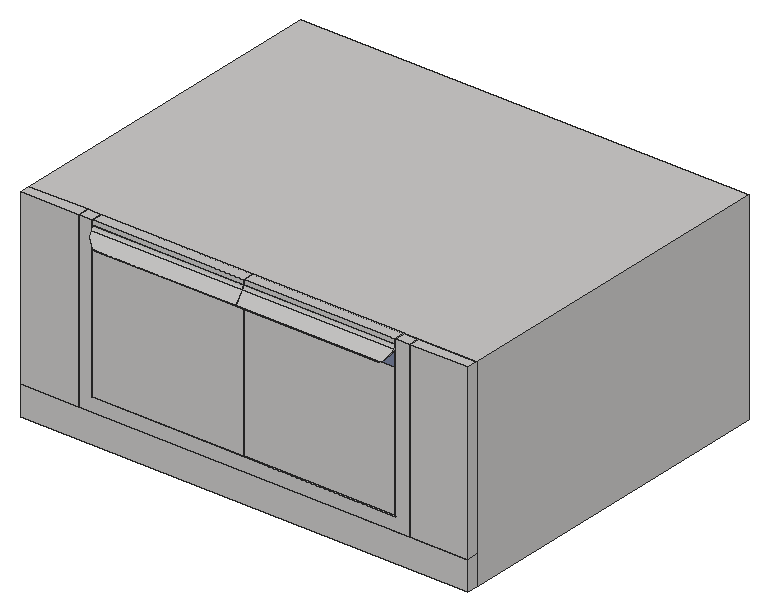
Revit family "QF_ELECTROLUXPROFESSIONAL_588658_MB4DCAJOAO", category Attrezzature speciali, Revit 2020
Family settings
  Quota connettore circolare = Usa diametro
  Tipo di parte = Normale
  Basato su piano di lavoro = No
  Sempre verticale = Sì
  Taglio con vuoti quando caricato = No
  Condiviso = No
  Punto di calcolo locali = No
Parameters (values of type "Standard")
  Weight = 31.00 kg
  Watts = 2000 W
  Volts = 400 V
  URL Manufacturer = "https://www.electroluxprofessional.com/"
  URL = "https://www.electroluxprofessional.com/"
  Steam Supply Size = 0"
  Steam Supply Minimum Pressure = 0.00 psi
  Steam Supply Maximum Pressure = 0.00 psi
  Steam Consumption per Hour = 0
  Refrigeration Suction Line Size = 0 mm
  Refrigeration Liquid Line Size = 0 mm
  Refrigerant Compressor Remote = yes
  Prospetto di default = 0 mm
  Phase = 3
  Modello = "MB4DCAJOAO"
  Produttore = "Electrolux Professional"
  Length Actual = 1000 mm  # constant formula
  Item Number = "588658"
  Hot Water Size = 0"
  Height Actual = 450 mm  # constant formula
  HP = "2.7 HP"
  Gas Size = 0"
  Gas KW = 0
  Gas Input Pressure = 0.0 Btu/h
  Direct Waste Size = 0"
  Descrizione = "EL.WARMING CAB,GN,2DOOR,1S,1000X850X450H"
  Depth Actual = 850 mm  # constant formula
  Cycle = 50 Hz
  Condensate Return Size = 0"
  Compressed Air Volume = 0 GPM
  Compressed Air Size = 0"
  Compressed Air Pressure = 0.00 psi
  Cold Water Size = 0"
  Accessory = yes
Reference planes
  plane 1 "BACK": y = 0
  plane 2: z = 0
  plane 3 "LEFT": x = 0
  plane 4 "RIGHT": x = 1000
  plane 5 "FRONT": y = -850
  plane 6 "PLAIN": z = 900
  plane 7 "Center (Left/Right)": x = 500
  plane 8 "Center (Front/Back)": y = -425
  plane 9 "TOP": z = 650
  plane 10 "BASE": z = 200
  plane 11: x = 922
  plane 12: x = 78
  plane 13 "Feet_back": y = -150
  plane 14 "Feet_Front": y = -720
  plane 15: x = 130
  plane 16: x = 870
  plane 17: z = 265
  plane 18: y = -45
  plane 19: y = -805
  plane 20: y = -70
  plane 21: y = -830
Forms (mm)
  Extrusion 1, solid, material "QF_Finishes_Stainless Steel"
    sketch origin (0, 0, 650) x (0, 1, 0) y (0, 0, 1)
      loop
        line (-45, -450) -> (-45, 0) -> (-805, 0) -> (-805, -450) -> (-45, -450)
    from 0 to 1000
  Extrusion 2, solid, material "QF_Finishes_Stainless Steel"
    sketch origin (0, 0, 650) x (0, 1, 0) y (0, 0, 1)
      loop
        line (-830, -450) -> (-805, -450) -> (-805, -385) -> (-830, -385) -> (-830, -450)
    from 0 to 1000
  Extrusion 3, void
    sketch origin (0, -850, 0) x (1, 0, 0) y (0, 0, 1)
      loop
        line (130, 650) -> (130, 265) -> (870, 265) -> (870, 650) -> (130, 650)
    from 0 to -780
  Extrusion 4, solid, material "QF_Finishes_Stainless Steel"
    sketch origin (0, -850, 0) x (1, 0, 0) y (0, 0, 1)
      loop
        line (160, 650) -> (160, 627) -> (840, 627) -> (840, 650) -> (160, 650)
    from -45 to -805
  Extrusion 5, solid, material "QF_Finishes_Stainless Steel"
    sketch origin (0, -850, 0) x (1, 0, 0) y (0, 0, 1)
      loop
        line (130, 650) -> (130, 265) -> (870, 265) -> (870, 650) -> (840, 650) -> (840, 295) -> (160, 295) -> (160, 650) -> (130, 650)
    from -45 to -780
  Extrusion 6, solid, material "QF_Finishes_Stainless Steel"
    sketch origin (0, -850, 0) x (1, 0, 0) y (0, 0, 1)
      loop
        line (0, 650) -> (0, 265) -> (130, 265) -> (130, 650) -> (0, 650)
    from -20 to -45
  Extrusion 7, solid, material "QF_Finishes_Stainless Steel"
    sketch origin (0, -850, 0) x (1, 0, 0) y (0, 0, 1)
      loop
        line (870, 650) -> (870, 265) -> (1000, 265) -> (1000, 650) -> (870, 650)
    from -20 to -45
  Extrusion 8, solid, material "QF_Finishes_Stainless Steel"
    sketch origin (0, -850, 0) x (1, 0, 0) y (0, 0, 1)
      loop
        line (130, 650) -> (130, 265) -> (870, 265) -> (870, 650) -> (840, 650) -> (840, 295) -> (160, 295) -> (160, 650) -> (130, 650)
    from -45 to -20
Cuts and joins
  Extrusion 3 cuts Extrusion 1
  joined: Extrusion 1, Extrusion 4, Extrusion 5
Lines and regions (mm)
  symbolic lines, style "SpecialityEquipmentHiddenLines"
    curve 1: line (0, 0, 0) -> (1000, 0, 0)
    curve 2: line (0, -850, 0) -> (0, 0, 0)
    curve 3: line (1000, -850, 0) -> (0, -850, 0)
    curve 4: line (1000, 0, 0) -> (1000, -850, 0)
Dimensions and locks
  plane 3 "LEFT" to plane 4 "RIGHT" = 1000 mm
  plane 5 "FRONT" to plane 1 "BACK" = 850 mm
  equal spacing: plane 3 "LEFT", plane 7 "Center (Left/Right)", plane 4 "RIGHT"
  equal spacing: plane 5 "FRONT", plane 8 "Center (Front/Back)", plane 1 "BACK"
  plane 6 "PLAIN" to plane 9 "TOP" = 250 mm
  plane 10 "BASE" to level = 200 mm
  plane 9 "TOP" to plane 10 "BASE" = 450 mm
  locked: plane 1 "BACK" to plane 13 "Feet_back" at 150
  locked: plane 14 "Feet_Front" to plane 5 "FRONT" at 130
  locked: plane 12 to plane 3 "LEFT" at 78
  locked: plane 11 to plane 4 "RIGHT" at 78
  plane 16 to plane 15 = 740 mm
  equal spacing: plane 16, plane 7 "Center (Left/Right)", plane 15
  locked: plane 17 to plane 10 "BASE" at 65
  locked: plane 1 "BACK" to plane 18 at 45
  plane 9 "TOP" to Extrusion 4 sketch curve = 23 mm
  locked: Extrusion 4 sketch curve to plane 15 at 30
  locked: plane 16 to Extrusion 4 sketch curve at 30
  locked: Extrusion 5 sketch curve to plane 17 at 30
  plane 6 "PLAIN" to level = 900 mm
  Extrusion 5 to Extrusion 5 = 680 mm
  locked: plane 18 to plane 20 at 25
  locked: plane 21 to plane 5 "FRONT" at 20
  locked: plane 19 to plane 21 at 25
  plane 18 to plane 21 = 785 mm
  aligned and locked: level to plane 2
  aligned and locked: Extrusion 1 to plane 4 "RIGHT"
  aligned and locked: Extrusion 1 to plane 3 "LEFT"
  aligned and locked: Extrusion 2 to plane 4 "RIGHT"
  aligned and locked: plane 9 "TOP" to Extrusion 3 sketch curve
  aligned and locked: Extrusion 3 sketch curve to plane 15
  aligned and locked: plane 16 to Extrusion 3 sketch curve
  aligned and locked: Extrusion 2 to plane 10 "BASE"
  aligned and locked: Extrusion 2 to plane 17
  aligned and locked: plane 17 to Extrusion 3 sketch curve
  aligned and locked: Extrusion 4 to plane 18
  aligned and locked: Extrusion 5 sketch curve to plane 15
  aligned and locked: plane 16 to Extrusion 5 sketch curve
  aligned and locked: plane 9 "TOP" to Extrusion 5 sketch curve  (x2)
  aligned and locked: plane 17 to Extrusion 5 sketch curve
  aligned and locked: Extrusion 5 sketch curve to Extrusion 4  (x2)
  aligned and locked: Extrusion 6 sketch curve to plane 9 "TOP"
  aligned and locked: plane 3 "LEFT" to Extrusion 6 sketch curve
  aligned and locked: Extrusion 6 sketch curve to plane 17
  aligned and locked: Extrusion 6 sketch curve to plane 15
  aligned and locked: Extrusion 7 sketch curve to plane 9 "TOP"
  aligned and locked: plane 16 to Extrusion 7 sketch curve
  aligned and locked: Extrusion 7 sketch curve to plane 17
  aligned and locked: plane 4 "RIGHT" to Extrusion 7 sketch curve
  aligned and locked: cut or joined group of Extrusion 1, Extrusion 3, Extrusion 4, Extrusion 5 to Extrusion 4
  aligned and locked: plane 7 "Center (Left/Right)" to nested 1
  aligned and locked: Extrusion 5 to plane 20
  aligned and locked: cut or joined group of Extrusion 1, Extrusion 3, Extrusion 4, Extrusion 5 to plane 20
  aligned and locked: cut or joined group of Extrusion 1, Extrusion 3, Extrusion 4, Extrusion 5 to plane 18
  aligned and locked: plane 19 to Extrusion 4
  aligned and locked: Extrusion 6 to plane 19
  aligned and locked: plane 21 to Extrusion 6
  aligned and locked: plane 21 to Extrusion 7
  aligned and locked: Extrusion 7 to plane 19
  aligned and locked: Extrusion 2 to plane 19
  aligned and locked: plane 21 to Extrusion 2
  aligned and locked: plane 19 to cut or joined group of Extrusion 1, Extrusion 3, Extrusion 4, Extrusion 5
  aligned and locked: plane 21 to Extrusion 8
Automatic sketch dimensions
  curve 3 to plane 3 "LEFT" = 0 mm
  curve 3 to plane 4 "RIGHT" = 0 mm
  plane 5 "FRONT" to curve 3 = 0 mm
  plane 1 "BACK" to curve 2 = 0 mm
  Extrusion 1 sketch curve to plane 10 "BASE" = 0 mm
  Extrusion 1 sketch curve to plane 19 = 0 mm
  Extrusion 1 sketch curve to plane 18 = 0 mm
  Extrusion 1 sketch curve to plane 9 "TOP" = 0 mm
  plane 17 to Extrusion 2 sketch curve = 0 mm
  Extrusion 2 sketch curve to plane 21 = 0 mm
  Extrusion 2 sketch curve to plane 10 "BASE" = 0 mm
  Extrusion 2 sketch curve to plane 19 = 0 mm
  Extrusion 4 sketch curve to plane 9 "TOP" = 0 mm
  Extrusion 8 sketch curve to plane 9 "TOP" = 0 mm  (x2)
  Extrusion 8 sketch curve to plane 15 = 0 mm
  Extrusion 8 sketch curve to plane 16 = 0 mm
  Extrusion 8 sketch curve to plane 17 = 0 mm
  Extrusion 8 sketch curve to Extrusion 8 sketch curve = 30 mm
  Extrusion 8 sketch curve to plane 16 = 30 mm
  Extrusion 8 sketch curve to plane 17 = 30 mm
Nested families
  nested 1: "H450_2DOOR" at (463.958, -805, 200) x (1, 0, 0) z (0, -1, 0), type "H450_2DOOR"
    with Width 680 mm, Wdoor 340 mm, Show Clearance yes
Definition of nested family "H450_2DOOR"
  Parameters
    Width [instance] = 580 mm
    Wdoor [instance] = Width / 2  # 290 mm
    Show Clearance [instance] = yes
    Model = "727995"
    Height = 450 mm
    Default Elevation = 0 mm
  Reference planes
    plane 1 "Center (Front/Back)": y = 0
    plane 2: z = 0
    plane 3 "Center (Left/Right)": x = 36.042
    plane 4 "panel": z = 25
    plane 5: x = -253.958
    plane 6: x = 326.042
    plane 7: y = 450
    plane 8: z = 290
    plane 9: z = 45
  Forms (mm)
    Extrusion 1, solid
      sketch origin (0, -919.2, 0) x (1, 0, 0) y (0, 1, 0)
        loop
          line (-980.5, 2119.2) -> (-980.5, -162.846) -> (881.94, -162.846) -> (881.94, 2119.2) -> (-980.5, 2119.2)
      from 0 to -59.546
    Extrusion 2, solid
      sketch origin (0, 0, 0) x (1, 0, 0) y (0, 1, 0)
        loop
          line (324.042, 393) -> (37.042, 393) -> (37.042, 97) -> (324.042, 97) -> (324.042, 393)
        loop
          line (-251.958, 97) -> (35.042, 97) -> (35.042, 393) -> (-251.958, 393) -> (-251.958, 97)
      from 0 to 25
    Extrusion 3, solid
      sketch origin (0, 0, 0) x (1, 0, 0) y (0, 1, 0)
        loop
          line (-251.958, 393) -> (35.042, 393) -> (35.042, 440) -> (-251.958, 440) -> (-251.958, 393)
        loop
          line (37.042, 440) -> (37.042, 393) -> (324.042, 393) -> (324.042, 440) -> (37.042, 440)
      from 0 to 25
    Extrusion 4, solid
      sketch origin (5.581, 79.805, 0) x (1, 0, 0) y (0, 1, 0)
        loop
          line (-257.539, 360.195) -> (29.461, 360.195) -> (29.461, 370.195) -> (-257.539, 370.195) -> (-257.539, 360.195)
        loop
          line (31.461, 370.195) -> (31.461, 360.195) -> (318.461, 360.195) -> (318.461, 370.195) -> (31.461, 370.195)
      from 0 to 25
    Extrusion 5, solid
      sketch origin (36.042, 0, 0) x (0, 1, 0) y (0, 0, 1)
        loop
          line (426.693, 25) -> (440.02, 25)
          arc (440.02, 25) -> (435.261, 25.775) -> (430.993, 28.02) r 15
          line (430.993, 28.02) -> (406.653, 46.362) -> (403.644, 42.369) -> (426.693, 25)
      from 1 to 288
    Extrusion 6, solid
      sketch origin (36.042, 0, 0) x (0, 1, 0) y (0, 0, 1)
        loop
          line (426.693, 25) -> (440.02, 25)
          arc (440.02, 25) -> (435.261, 25.775) -> (430.993, 28.02) r 15
          line (430.993, 28.02) -> (406.653, 46.362) -> (403.644, 42.369) -> (426.693, 25)
      from -288 to -1
    Extrusion 7, void
      sketch origin (0, 0, 0) x (1, 0, 0) y (0, 1, 0)
        loop
          arc (324.042, 426.693) -> (314.508, 412.772) -> (300.317, 403.644) r 42.603
          line (300.317, 403.644) -> (324.042, 403.644) -> (324.042, 426.693)
      from 0 to 47.9
    Extrusion 8, void
      sketch origin (72.084, 0, 0) x (-1, 0, 0) y (0, -1, 0)
        loop
          line (324.042, -426.693) -> (324.042, -403.644) -> (300.317, -403.644)
          arc (300.317, -403.644) -> (314.508, -412.772) -> (324.042, -426.693) r 42.603
      from 0 to 47.9
    Extrusion 9, solid, detail levels coarse
      sketch origin (0, 0, 0) x (1, 0, 0) y (0, 0, 1)
        loop
          arc (36.042, 25) -> (-41.575, 212.383) -> (-228.958, 290) r 265
          line (-228.958, 290) -> (-228.958, 25) -> (36.042, 25)
      from -450 to -97
    Extrusion 10, solid, detail levels coarse
      sketch origin (0, 0, 0) x (1, 0, 0) y (0, 0, 1)
        loop
          arc (301.042, 290) -> (113.659, 212.383) -> (36.042, 25) r 265
          line (36.042, 25) -> (301.042, 25) -> (301.042, 290)
      from -450 to -97
  Cuts and joins
    Extrusion 8 cuts Extrusion 6
    Extrusion 7 cuts Extrusion 5
  Lines and regions (mm)
    symbolic lines
      curve 1: line (326.042, 0, 45) -> (326.042, 0, 290)
      curve 2: line (301.042, 0, 45) -> (301.042, 0, 290)
      curve 3: line (326.042, 0, 290) -> (301.042, 0, 290)
      curve 4: line (-253.958, 0, 45) -> (-253.958, 0, 290)
      curve 5: line (-228.958, 0, 45) -> (-228.958, 0, 290)
      curve 6: line (-253.958, 0, 290) -> (-228.958, 0, 290)
      curve 7: arc (301.042, 0, 290) -> (120.901, 0, 219.356) -> (36.804, 0, 45.088) r 265
      curve 8: arc (35.286, 0, 44.997) -> (-48.783, 0, 219.325) -> (-228.958, 0, 290) r 265
  Dimensions and locks
    plane 4 "panel" to level = 25 mm
    "Width": plane 5 to plane 6
    equal spacing: plane 5, plane 3 "Center (Left/Right)", plane 6
    "Height": plane 1 "Center (Front/Back)" to plane 7
    locked: plane 5 to Extrusion 2 sketch curve at 2
    locked: Extrusion 2 sketch curve to plane 6 at 2
    locked: plane 1 "Center (Front/Back)" to Extrusion 2 sketch curve at 97
    locked: plane 7 to Extrusion 2 sketch curve at 57
    locked: Extrusion 2 sketch curve to plane 3 "Center (Left/Right)" at 1
    locked: plane 3 "Center (Left/Right)" to Extrusion 2 sketch curve at 1
    Extrusion 3 sketch curve to Extrusion 2 = 47 mm
    "Wdoor": plane 8 to level
    locked: curve 2 to curve 1 at 25
    locked: curve 5 to curve 4 at 25
    plane 4 "panel" to plane 9 = 20 mm
    aligned and locked: plane 2 to Extrusion 1
    aligned and locked: level to Extrusion 1
    aligned and locked: plane 4 "panel" to Extrusion 2
    aligned and locked: Extrusion 2 to Extrusion 3 sketch curve
    aligned and locked: Extrusion 3 sketch curve to Extrusion 2  (x2)
    aligned and locked: Extrusion 3 sketch curve to Extrusion 3 sketch curve
    aligned and locked: plane 4 "panel" to Extrusion 3
    aligned and locked: Extrusion 4 sketch curve to Extrusion 4 sketch curve
    aligned and locked: Extrusion 4 sketch curve to Extrusion 3  (x3)
    aligned and locked: Extrusion 3 to Extrusion 4 sketch curve
    aligned and locked: Extrusion 4 sketch curve to plane 7
    aligned and locked: Extrusion 3 to Extrusion 5
    aligned and locked: Extrusion 5 to Extrusion 3
    aligned and locked: Extrusion 6 to Extrusion 3
    aligned and locked: Extrusion 3 to Extrusion 6
    aligned and locked: Extrusion 7 sketch curve to Extrusion 5
    aligned and locked: Extrusion 8 to Extrusion 6
    aligned and locked: Extrusion 4 to Extrusion 8
    aligned and locked: Extrusion 2 to Extrusion 7
    aligned and locked: Extrusion 7 to Extrusion 5
    aligned and locked: Extrusion 4 to Extrusion 3  (x2)
    aligned and locked: Extrusion 3 to Extrusion 2
    aligned and locked: Extrusion 4 to Extrusion 2
    aligned and locked: curve 3 to plane 8
    aligned and locked: curve 1 to plane 6
    aligned and locked: curve 4 to plane 5
    aligned and locked: Extrusion 9 sketch curve to plane 4 "panel"
    aligned and locked: Extrusion 10 sketch curve to curve 7
    aligned and locked: Extrusion 10 sketch curve to curve 2
    aligned and locked: Extrusion 2 to Extrusion 9
    aligned and locked: Extrusion 2 to Extrusion 10
    aligned and locked: plane 7 to Extrusion 9
    aligned and locked: Extrusion 3 to Extrusion 4
  Automatic sketch dimensions
    Extrusion 1 sketch curve to Extrusion 1 sketch curve = 1862.44 mm
    Extrusion 1 sketch curve to Extrusion 1 sketch curve = 2282.046 mm
    Extrusion 2 sketch curve to plane 1 "Center (Front/Back)" = 97 mm
    Extrusion 2 sketch curve to Extrusion 2 sketch curve = 0 mm
    Extrusion 3 sketch curve to plane 3 "Center (Left/Right)" = 1 mm
    plane 5 to Extrusion 3 sketch curve = 2 mm
    Extrusion 3 sketch curve to Extrusion 3 sketch curve = 0 mm
    Extrusion 5 sketch curve to plane 4 "panel" = 0 mm
    plane 4 "panel" to Extrusion 5 sketch curve = 17.369 mm
    Extrusion 5 sketch curve to plane 7 = 46.356 mm
    plane 4 "panel" to Extrusion 5 sketch curve = 21.362 mm
    Extrusion 5 sketch curve to Extrusion 5 sketch curve = 3.009 mm
    plane 4 "panel" to Extrusion 5 sketch curve = 3.02 mm
    Extrusion 5 sketch curve to Extrusion 5 sketch curve = 9.027 mm
    Extrusion 6 sketch curve to plane 4 "panel" = 0 mm
    plane 4 "panel" to Extrusion 6 sketch curve = 17.369 mm
    Extrusion 6 sketch curve to plane 7 = 46.356 mm
    plane 4 "panel" to Extrusion 6 sketch curve = 21.362 mm
    Extrusion 6 sketch curve to Extrusion 6 sketch curve = 3.009 mm
    plane 4 "panel" to Extrusion 6 sketch curve = 3.02 mm
    Extrusion 6 sketch curve to Extrusion 6 sketch curve = 9.027 mm
    Extrusion 7 sketch curve to Extrusion 7 sketch curve = 23.725 mm
    Extrusion 7 sketch curve to plane 7 = 6.671 mm
    Extrusion 7 sketch curve to plane 6 = 41.221 mm
    Extrusion 7 sketch curve to plane 7 = 23.307 mm
    plane 7 to Extrusion 8 sketch curve = 6.671 mm
    Extrusion 8 sketch curve to plane 5 = 41.221 mm
    Extrusion 8 sketch curve to plane 5 = 25.725 mm
    Extrusion 8 sketch curve to plane 5 = 2 mm
    plane 7 to Extrusion 8 sketch curve = 23.307 mm
    Extrusion 4 sketch curve to Extrusion 4 sketch curve = 10 mm
    Extrusion 4 sketch curve to plane 7 = 10 mm
    curve 2 to plane 9 = 0 mm
    curve 5 to plane 9 = 0 mm
    curve 4 to plane 9 = 0 mm
    curve 1 to plane 9 = 0 mm
    curve 8 to plane 4 "panel" = 0 mm
    curve 5 to plane 8 = 0 mm
    curve 8 to plane 9 = 0.003 mm
    curve 7 to plane 4 "panel" = 0 mm
    plane 9 to curve 7 = 0.088 mm
